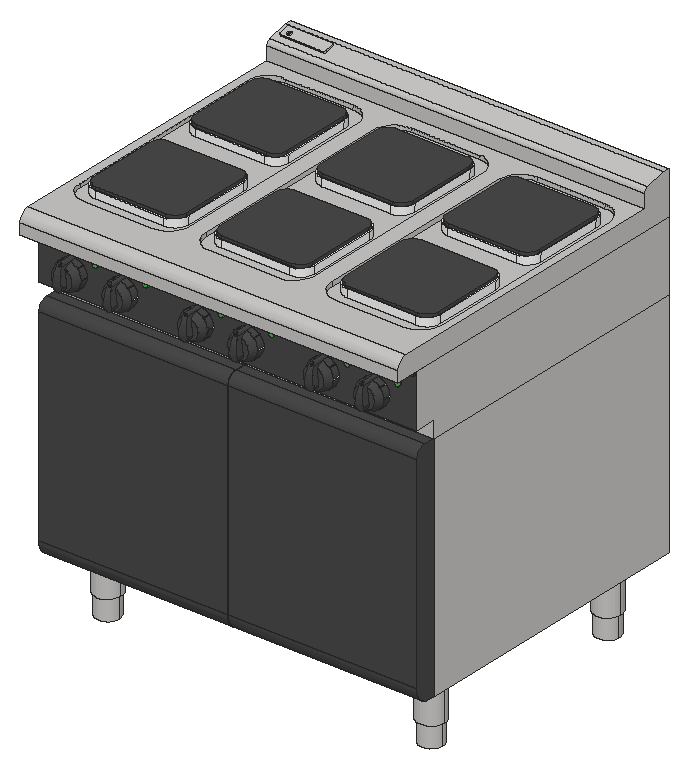
Revit family "QF_Moffat_RNLB8600SE-CD_Electrical_Cooktop_Sealed_Hobs_cat", category Specialty Equipment, Revit 2019 (continued)
Definition of nested family "QF_LOGO_Waldorf"
  Automatic sketch dimensions
    Split face 1 sketch curve to Split face 1 sketch curve = 0.01 mm  (x2)
    Split face 1 sketch curve to Split face 1 sketch curve = 0.002 mm
    Split face 2 sketch curve to Extrusion 1 = 11.169 mm
    Extrusion 1 to Split face 2 sketch curve = 25.647 mm
    Split face 2 sketch curve to Split face 2 sketch curve = 3.72 mm
    Split face 2 sketch curve to Extrusion 1 = 11.965 mm
    Split face 2 sketch curve to Split face 2 sketch curve = 0.371 mm
    Split face 2 sketch curve to Extrusion 1 = 6.602 mm
    Split face 2 sketch curve to Split face 2 sketch curve = 2.689 mm
    Split face 2 sketch curve to Split face 2 sketch curve = 0.318 mm
    Split face 2 sketch curve to Split face 2 sketch curve = 3.729 mm
    Split face 2 sketch curve to Split face 2 sketch curve = 0.414 mm
    Split face 2 sketch curve to Split face 2 sketch curve = 0.875 mm
    Split face 2 sketch curve to Split face 2 sketch curve = 0.878 mm
    Split face 3 sketch curve to Extrusion 1 = 8.597 mm
    Extrusion 1 to Split face 3 sketch curve = 29.688 mm
    Split face 3 sketch curve to Extrusion 1 = 9.264 mm
    Split face 3 sketch curve to Split face 3 sketch curve = 2.326 mm
    Split face 4 sketch curve to Extrusion 1 = 5.728 mm
    Extrusion 1 to Split face 4 sketch curve = 38.08 mm
    Split face 4 sketch curve to Split face 4 sketch curve = 3.843 mm
    Split face 4 sketch curve to Extrusion 1 = 9.736 mm
    Split face 5 sketch curve to Extrusion 1 = 9.736 mm
    Split face 5 sketch curve to Extrusion 1 = 43.205 mm
    Split face 5 sketch curve to Extrusion 1 = 6.679 mm
    Split face 5 sketch curve to Split face 5 sketch curve = 0.342 mm
    Split face 5 sketch curve to Split face 5 sketch curve = 3.375 mm
    Split face 5 sketch curve to Split face 5 sketch curve = 0.952 mm
    Split face 5 sketch curve to Split face 5 sketch curve = 3.998 mm
    Split face 6 sketch curve to Extrusion 1 = 7.499 mm
    Split face 6 sketch curve to Extrusion 1 = 44.727 mm
    Split face 6 sketch curve to Split face 6 sketch curve = 2.07 mm
    Split face 7 sketch curve to Extrusion 1 = 5.305 mm
    Split face 7 sketch curve to Extrusion 1 = 32.551 mm
    Split face 7 sketch curve to Split face 7 sketch curve = 4.443 mm
    Split face 8 sketch curve to Extrusion 1 = 7.654 mm
    Split face 8 sketch curve to Extrusion 1 = 32.551 mm
    Split face 8 sketch curve to Split face 8 sketch curve = 2.095 mm
    Split face 9 sketch curve to Extrusion 1 = 5.728 mm
    Split face 9 sketch curve to Extrusion 1 = 25.521 mm
    Split face 9 sketch curve to Split face 9 sketch curve = 3.519 mm
    Split face 9 sketch curve to Split face 9 sketch curve = 0.315 mm
    Split face 9 sketch curve to Split face 9 sketch curve = 3.33 mm
    Split face 9 sketch curve to Split face 9 sketch curve = 3.248 mm
    Split face 9 sketch curve to Split face 9 sketch curve = 1.795 mm
    Split face 9 sketch curve to Split face 9 sketch curve = 3.36 mm
    Split face 9 sketch curve to Split face 9 sketch curve = 1.545 mm
    Split face 9 sketch curve to Split face 9 sketch curve = 0.233 mm
    Split face 10 sketch curve to Extrusion 1 = 18.106 mm
    Split face 10 sketch curve to Split face 10 sketch curve = 1.188 mm  (x2)
    Split face 10 sketch curve to Split face 10 sketch curve = 3.285 mm
    Split face 10 sketch curve to Split face 10 sketch curve = 3.789 mm
    Split face 10 sketch curve to Split face 10 sketch curve = 0 mm  (x2)
    Split face 10 sketch curve to Split face 10 sketch curve = 1.629 mm
    Split face 10 sketch curve to Split face 10 sketch curve = 2.133 mm
    Split face 10 sketch curve to Extrusion 1 = 5.728 mm
    Split face 10 sketch curve to Split face 10 sketch curve = 6.245 mm
    Split face 10 sketch curve to Split face 10 sketch curve = 1.907 mm  (x2)
    Split face 10 sketch curve to Split face 10 sketch curve = 1.197 mm
    Split face 10 sketch curve to Split face 10 sketch curve = 2.19 mm
